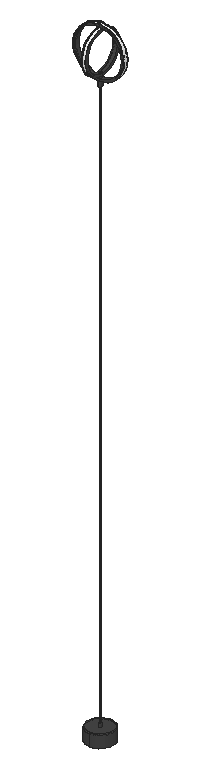
Revit family "AFX-Lock_Pendant", category Lighting Fixtures, host Face, Revit 2020
Family settings
  Host = Face
  Round Connector Dimension = Use Diameter
  Part Type = Normal
  Cut with Voids When Loaded = No
  Light Source = Yes
  Shared = No
  Room Calculation Point = No
Parameters (values of type "LCKP09L30D1BK")
  Wattage Comments = "20"
  Wattage = 20 W
  built-in parameter 1150110 = 1 (stored number, unit not read)
  Voltage = 120 V
  URL = "https://www.afxinc.com/"
  Type Comments = "Lock"  # constant formula
  built-in parameter 1114217 = 1 (stored number, unit not read)
  Tilt Angle = 0.00°
  built-in parameter 1150109 = 1 (stored number, unit not read)
  built-in parameter 1150134 = (empty or 0)
  built-in parameter 1150113 = 1 (stored number, unit not read)
  Revit File Built By = "https://servex-us.com/servex-revit/"
  Product Documentation Link = "https://www.afxinc.com/products/productDetail.cfm?productID=1868"
  Photometric Web File = "PRLS0418L30D1XX.IES"
  Model = "LCKP09L30D1BK"
  Manufacturer = "AFX Inc"  # constant formula
  built-in parameter 1150105 = 3183.1 (stored number, unit not read)
  Lumens = 40000 lm
  built-in parameter 1150115 = 1 (stored number, unit not read)
  built-in parameter 1150137 = (empty or 0)
  built-in parameter 1150139 = (empty or 0)
  built-in parameter 1150112 = 1 (stored number, unit not read)
  built-in parameter 1150114 = 1 (stored number, unit not read)
  Lamp = ""
  Keynote = "12500"  # constant formula
  built-in parameter 1150132 = (empty or 0)
  built-in parameter 1150102 = (empty or 0)
  built-in parameter 1150107 = 3000 (stored number, unit not read)
  built-in parameter 1150138 = (empty or 0)
  built-in parameter 1150106 = 31.831 (stored number, unit not read)
  Height = 9"
  H Cord [instance] = if(and(Adjustable Height Cord < 108 1/32", Adjustable Height Cord > 2 63/64"), Adjustable Height Cord, 108")  # 103"
  Diameter = 9"
  Cable Finish = AFX - Black Steel
  Frame Finish = AFX - Black Steel
  built-in parameter 1150104 = 185.81 (stored number, unit not read)
  Dimming Lamp Color Temperature Shift = <None>
  Diffuser Finish = AFX - White Acrylic
  Description = "Inter-twining spheres LED pendant with Adjustable cord 9 Ft - 9\" Diameter x 9\"H"
  Default Elevation = 48"
  Support Finish = AFX - Black Steel
  Colour Rendering Index = "90"
  Color Filter = 16777215
  Housing Finish = AFX - Black Steel
  built-in parameter 1114218 = 1 (stored number, unit not read)
  built-in parameter 1150133 = 10 (stored number, unit not read)
  Assembly Code = "D5020200"
  Apparent Load = 0 VA
  Adjustable Height Cord [instance] = 103"
Reference planes (in)
  plane 1 "Center (Front/Back)": y = 0
  plane 2: z = -0.02471
  plane 3 "Center (Left/Right)": x = 0
  plane 4: z = 2.16531
  plane 5: z = 105.16531
Forms (in)
  Revolve 1, solid, material "AFX - Black Steel" <- "Housing Finish"
    sketch origin (0, 0, 0) x (0, 1, 0) y (0, 0, 1)
      loop
        line (2.20429, 2.16531) -> (2.20429, -0.02471) -> (2.36236, -0.02471) -> (2.36236, 2.08895)
        arc (2.36236, 2.08895) -> (2.34, 2.14294) -> (2.286, 2.16531) r 0.07636
        line (2.286, 2.16531) -> (2.20429, 2.16531)
      axis (0, -0.02471) -> (0, 2.16531)
    angle from 0 to 360
  Extrusion 2, solid, material "AFX - Black Steel" <- "Housing Finish"
    sketch origin (0, 0, 0) x (1, 0, 0) y (0, 1, 0)
      loop
        circle (0, 0) r 2.20429
    from -0.02471 to 2.16531
  Extrusion 3, solid
    sketch origin (0, 0, 0) x (1, 0, 0) y (0, 1, 0)
      loop
        circle (0, 0) r 0.01563
    from 0 to 0.03125
  Revolve 4, solid, material "AFX - Black Steel" <- "Support Finish"
    sketch origin (0, 0, 0) x (0, 1, 0) y (0, 0, 1)
      loop
        line (0.19685, 105.16531) -> (0.19685, 106.34641) -> (0, 106.34641) -> (0, 104.29917) -> (0.29702, 104.29917) -> (0.29702, 105.16531) -> (0.19685, 105.16531)
      loop
        line (0, 2.65743) -> (0, 2.16531) -> (0.25, 2.16531) -> (0.25, 2.65743) -> (0, 2.65743)
      axis (0, 106.34641) -> (0, 2.16531)
    angle from 0 to 360
  Extrusion 5, solid, material "AFX - Black Steel" <- "Cable Finish"
    sketch origin (0, 0, 0) x (1, 0, 0) y (0, 1, 0)
      loop
        circle (0, 0) r 0.03999
    from 2.65743 to 104.29917
  Revolve 6, solid, material "AFX - Black Steel" <- "Frame Finish"
    sketch origin (0, 0, 0) x (0, 1, 0) y (0, 0, 1)
      loop
        line (0.3937, 114.26235) -> (0.33465, 114.26235) -> (0.33465, 114.0275) -> (-0.33464, 114.0275) -> (-0.33464, 114.26235) -> (-0.3937, 114.26235) -> (-0.3937, 113.87132) -> (0.3937, 113.87132) -> (0.3937, 114.26235)
      axis (-0.3937, 109.7348) -> (0.3937, 109.7348)
    angle from 0 to 360
  Revolve 7, solid, material "AFX - White Acrylic" <- "Diffuser Finish"
    sketch origin (0, 0, 0) x (0, 1, 0) y (0, 0, 1)
      loop
        line (0.33464, 114.0275) -> (0.33464, 114.26235) -> (-0.33465, 114.26235) -> (-0.33465, 114.0275) -> (-0.27559, 114.0275) -> (-0.27559, 114.192) -> (0.27559, 114.192) -> (0.27559, 114.0275) -> (0.33464, 114.0275)
      axis (-0.33465, 109.7348) -> (0.33464, 109.7348)
    angle from 0 to 360
  Revolve 8, solid, material "AFX - Black Steel" <- "Frame Finish"
    sketch origin (0, 0, 0) x (1, 0, 0) y (0, 0, 1)
      loop
        line (-0.3937, 113.47234) -> (-0.3937, 113.08131) -> (0.3937, 113.08131) -> (0.3937, 113.47234) -> (0.33465, 113.47234) -> (0.33465, 113.23748) -> (-0.33464, 113.23748) -> (-0.33464, 113.47234) -> (-0.3937, 113.47234)
      axis (0.3937, 109.73221) -> (-0.3937, 109.73221)
    angle from 0 to 360
  Revolve 9, solid, material "AFX - White Acrylic" <- "Diffuser Finish"
    sketch origin (0, 0, 0) x (1, 0, 0) y (0, 0, 1)
      loop
        line (-0.33464, 113.23748) -> (-0.27559, 113.23748) -> (-0.27559, 113.40199) -> (0.27559, 113.40199) -> (0.27559, 113.23748) -> (0.33465, 113.23748) -> (0.33465, 113.47234) -> (-0.33464, 113.47234) -> (-0.33464, 113.23748)
      axis (-0.33464, 109.73221) -> (0.33465, 109.73221)
    angle from 0 to 360
Cuts and joins
  joined: Revolve 1, Extrusion 2
Lines and regions (in)
  symbolic lines
    curve 1: circle (0, 0, 0) r 2.36236 normal (0, 0, 1)
    curve 2: line (-2.32933, 0.3937, 0) -> (-4.52755, 0.3937, 0)
    curve 3: line (-4.52755, 0.3937, 0) -> (-4.52755, -0.3937, 0)
    curve 4: line (-4.52755, -0.3937, 0) -> (-2.32933, -0.3937, 0)
    curve 5: line (-2.33854, -0.33465, 0) -> (-4.52755, -0.33465, 0)
    curve 6: line (-2.33854, 0.33464, 0) -> (-4.52755, 0.33464, 0)
    curve 7: line (2.32933, 0.3937, 0) -> (4.52755, 0.3937, 0)
    curve 8: line (4.52755, 0.3937, 0) -> (4.52755, -0.3937, 0)
    curve 9: line (4.52755, -0.3937, 0) -> (2.32933, -0.3937, 0)
    curve 10: line (2.33854, 0.33464, 0) -> (4.52755, 0.33464, 0)
    curve 11: line (2.33854, -0.33465, 0) -> (4.52755, -0.33465, 0)
    curve 12: line (-0.3937, 2.32933, 0) -> (-0.3937, 3.74013, 0)
    curve 13: line (0.3937, 2.32933, 0) -> (0.3937, 3.74013, 0)
    curve 14: line (0.3937, 3.74013, 0) -> (-0.3937, 3.74013, 0)
    curve 15: line (-0.33464, 2.33854, 0) -> (-0.33464, 3.74013, 0)
    curve 16: line (0.33465, 2.33854, 0) -> (0.33465, 3.74013, 0)
    curve 17: line (-0.3937, -2.32933, 0) -> (-0.3937, -3.74013, 0)
    curve 18: line (-0.3937, -3.74013, 0) -> (0.3937, -3.74013, 0)
    curve 19: line (0.3937, -3.74013, 0) -> (0.3937, -2.32933, 0)
    curve 20: line (-0.33464, -2.33854, 0) -> (-0.33464, -3.74013, 0)
    curve 21: line (0.33465, -2.33854, 0) -> (0.33465, -3.74013, 0)
  symbolic lines, style "LightingFixturesHiddenLines", detail levels fine
    curve 22: line (-2.32933, -0.3937, 0) -> (2.32933, -0.3937, 0)
    curve 23: line (-2.32933, 0.3937, 0) -> (2.32933, 0.3937, 0)
    curve 24: line (-0.3937, 2.32933, 0) -> (-0.3937, 0.3937, 0)
    curve 25: line (0.3937, 2.32933, 0) -> (0.3937, 0.3937, 0)
    curve 26: line (-0.3937, -0.3937, 0) -> (-0.3937, -2.32933, 0)
    curve 27: line (0.3937, -2.32933, 0) -> (0.3937, -0.3937, 0)
Dimensions and locks (in)
  locked: plane 2 to plane 4 at 2.19002
  Revolve 1 sketch curve to Revolve 1 sketch curve to Revolve 1 sketch curve to plane 1 "Center (Front/Back)" = 0.07636" locked, 0.08171" locked, 2.20429" locked
  Revolve 4 sketch curve to plane 5 to Revolve 4 sketch curve = 0.86614" locked, 1.1811" locked
  locked: plane 4 to Revolve 4 sketch curve at 0.49212
  locked: Revolve 4 sketch curve to plane 1 "Center (Front/Back)" at 0.25
  locked: plane 4 to Extrusion 5 at 0.49212
  locked: Extrusion 5 to plane 5 at 0.86614
  Revolve 6 sketch curve to Revolve 6 sketch curve to Revolve 6 sketch curve to Revolve 6 sketch curve to plane 5 = 0.23485" locked, 0.15617" locked, 4.13652" locked, 4.56949" locked
  Revolve 7 sketch curve to Revolve 7 sketch curve to plane 1 "Center (Front/Back)" to Revolve 7 sketch curve to Revolve 7 sketch curve = 0.05905" locked, 0.27559" locked, 0.27559" locked, 0.05906" locked
  plane 5 to Revolve 7 sketch curve to Revolve 7 sketch curve to Revolve 7 sketch curve to Revolve 7 sketch curve = 4.56949" locked, 4.2927" locked, 0.16451" locked, 0.07035" locked
  Revolve 6 sketch curve to Revolve 6 sketch curve to Revolve 6 sketch curve to Revolve 6 sketch curve = 0.05905" locked, 0.66929" locked, 0.05905" locked
  "H Cord": plane 4 to plane 5
  Revolve 8 sketch curve to Revolve 8 sketch curve to Revolve 8 sketch curve to Revolve 8 sketch curve to plane 5 = 0.23485" locked, 0.15617" locked, 3.3491" locked, 4.5669" locked
  Revolve 8 sketch curve to Revolve 8 sketch curve to plane 3 "Center (Left/Right)" to Revolve 8 sketch curve to Revolve 8 sketch curve = 0.05905" locked, 0.33465" locked, 0.33464" locked, 0.05905" locked
  Revolve 9 sketch curve to Revolve 9 sketch curve to plane 3 "Center (Left/Right)" to Revolve 9 sketch curve to Revolve 9 sketch curve = 0.05905" locked, 0.27559" locked, 0.27559" locked, 0.05906" locked
  plane 5 to Revolve 9 sketch curve to Revolve 9 sketch curve to Revolve 9 sketch curve to Revolve 9 sketch curve = 4.5669" locked, 3.50527" locked, 0.16451" locked, 0.07035" locked
  locked: plane 5 to imposter light at 4.75
  aligned and locked: plane 2 to host face
  aligned and locked: imposter light to plane 3 "Center (Left/Right)"
  aligned and locked: plane 2 to Revolve 1
  aligned: Extrusion 2 sketch curve to cut or joined group of Revolve 1, Extrusion 2
  aligned and locked: Extrusion 2 sketch curve to cut or joined group of Revolve 1, Extrusion 2
  aligned and locked: cut or joined group of Revolve 1, Extrusion 2 to plane 2
Automatic sketch dimensions
  plane 1 "Center (Front/Back)" to curve 1 = 0"
  curve 1 to plane 3 "Center (Left/Right)" = 0"
  curve 17 to plane 3 "Center (Left/Right)" = 0.3937"
  curve 12 to plane 3 "Center (Left/Right)" = 0.3937"
  plane 1 "Center (Front/Back)" to curve 3 = 0.3937"
  curve 3 to plane 3 "Center (Left/Right)" = 4.52755"
  plane 3 "Center (Left/Right)" to curve 13 = 0.3937"
  plane 3 "Center (Left/Right)" to curve 18 = 0.3937"
  plane 1 "Center (Front/Back)" to curve 8 = 0.3937"
  plane 3 "Center (Left/Right)" to curve 8 = 4.52755"
  plane 1 "Center (Front/Back)" to curve 18 = 3.74013"
  curve 2 to plane 1 "Center (Front/Back)" = 0.3937"
  curve 8 to plane 1 "Center (Front/Back)" = 0.3937"
  curve 13 to plane 1 "Center (Front/Back)" = 3.74013"
  curve 17 to curve 20 = 0.05905"
  curve 12 to curve 15 = 0.05905"
  curve 26 to plane 3 "Center (Left/Right)" = 0.3937"
  curve 24 to curve 12 = 0"
  curve 23 to plane 1 "Center (Front/Back)" = 0.3937"
  curve 23 to curve 24 = 1.93563"
  curve 22 to curve 4 = 0"
  curve 6 to curve 2 = 0.00921"
  curve 5 to curve 22 = 0.00921"
  curve 21 to curve 18 = 0.05905"
  curve 16 to curve 13 = 0.05905"
  curve 27 to curve 19 = 0"
  curve 25 to curve 13 = 0"
  curve 9 to curve 11 = 0.00921"
  curve 23 to curve 10 = 0.00921"
  host sketch curve to host sketch curve = 96"  (x2)
  Revolve 1 sketch curve to plane 1 "Center (Front/Back)" = 0"
  Revolve 1 sketch curve to plane 2 = 0"
  plane 4 to Revolve 1 sketch curve = 0"
  plane 4 to Revolve 1 sketch curve = 0.68786"
  Revolve 1 sketch curve to Revolve 1 sketch curve = 1/4"
  plane 1 "Center (Front/Back)" to Extrusion 3 sketch curve = 0"
  Extrusion 3 sketch curve to plane 3 "Center (Left/Right)" = 0"
  Revolve 4 sketch curve to plane 1 "Center (Front/Back)" = 0"  (x3)
  plane 5 to Revolve 4 sketch curve = 0"
  plane 4 to Revolve 4 sketch curve = 0"
  Revolve 4 sketch curve to Revolve 4 sketch curve = 0.19685"
  Revolve 4 sketch curve to Revolve 4 sketch curve = 0.10017"
  plane 4 to Revolve 4 sketch curve = 0.20533"
  Revolve 4 sketch curve to Revolve 4 sketch curve = 0.35264"
  plane 1 "Center (Front/Back)" to Extrusion 5 sketch curve = 0"
  Extrusion 5 sketch curve to plane 3 "Center (Left/Right)" = 0"
  plane 1 "Center (Front/Back)" to Revolve 6 sketch curve = 0.3937"
  Revolve 6 sketch curve to Revolve 6 sketch curve = 0.23485"
  plane 1 "Center (Front/Back)" to Revolve 6 sketch curve = 2.35702"
  Revolve 6 sketch curve to plane 1 "Center (Front/Back)" = 1.39298"
  Revolve 7 sketch curve to Revolve 7 sketch curve = 0.16451"
  plane 1 "Center (Front/Back)" to Revolve 7 sketch curve = 1.14834"
  Revolve 7 sketch curve to plane 1 "Center (Front/Back)" = 1.60166"
  Revolve 8 sketch curve to Revolve 8 sketch curve = 0.23485"
  Revolve 8 sketch curve to plane 3 "Center (Left/Right)" = 1.19649"
  plane 3 "Center (Left/Right)" to Revolve 8 sketch curve = 1.30351"
  Revolve 9 sketch curve to Revolve 9 sketch curve = 0.16451"
  Revolve 9 sketch curve to plane 3 "Center (Left/Right)" = 1.3563"
  plane 3 "Center (Left/Right)" to Revolve 9 sketch curve = 1.6437"
  radius of Extrusion 3 sketch curve = 1/64"
  radius of Extrusion 5 sketch curve = 0.03999"
Connectors (in)
  electrical at (0, 0, -0.02471), driven by "Voltage", driven by "Apparent Load"
    settings: on cut or joined group of Revolve 1, Extrusion 2, index 1, voltage 120 V, apparent load 0 VA, apparent load phase1 0 VA, apparent load phase2 0 VA, apparent load phase3 0 VA, power factor 1, load classification "Lighting", number of poles 1, system type 31, power factor state 1, is connector primary yes, connector utility no, sub classification motor no, connector description ""
